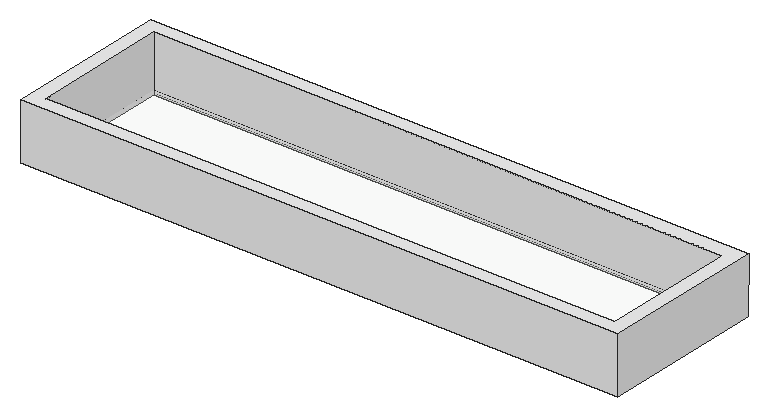
Revit family "Iluminação montada na superfície - Retangular", category Luminárias, Revit 2019
Family settings
  Hospedeiro = Forro
  Cota do conector redondo = Utilizar diâmetro
  Tipo de parte = Normal
  Número OmniClass = 23.80.70.11
  Título OmniClass = Luminaries for Internal Lighting
  Sempre na vertical = Sim
  Corte com vazios quando carregada = Não
  Fonte luminosa = Sim
  Compartilhado = Não
  Ponto de cálculo do ambiente = Não
Parameters (values of type "175x640x60mm-32W")
  Largura = 175.00 mm
  Wattage = 100 W
  built-in parameter 1150110 = 1 (stored number, unit not read)
  built-in parameter 1114217 = 1 (stored number, unit not read)
  built-in parameter 1150109 = 1 (stored number, unit not read)
  built-in parameter 1150134 = 8
  built-in parameter 1150113 = 1 (stored number, unit not read)
  Material de sombra = Vidro, Branco, Alta Luminosidade
  Lumens = 8000 lm
  built-in parameter 1150115 = 1 (stored number, unit not read)
  built-in parameter 1150105 = 2546.5 (stored number, unit not read)
  Material da luminária = Metal - Alum
  Tamanho do símbolo da fonte luminosa = Largura - 50.00 mm  # 125.00 mm
  built-in parameter 1150137 = (empty or 0)
  built-in parameter 1150139 = (empty or 0)
  Comprimento = 640.00 mm
  built-in parameter 1150112 = 1 (stored number, unit not read)
  built-in parameter 1150114 = 1 (stored number, unit not read)
  built-in parameter 1150132 = (empty or 0)
  built-in parameter 1150102 = (empty or 0)
  built-in parameter 1150138 = (empty or 0)
  built-in parameter 1150107 = 4230 (stored number, unit not read)
  built-in parameter 1150106 = 25.465 (stored number, unit not read)
  Largura da estrutura = 15.00 mm
  Espessura da moldura = 60.00 mm
  Emit from Rectangle Width = Largura - 50.00 mm  # 125.00 mm
  Emitir do comprimento do retângulo = Comprimento - 50.00 mm  # 590.00 mm
  Emit Shape Visible in Rendering = no
  built-in parameter 1150104 = 7.4322 (stored number, unit not read)
  Dimming Lamp Color Temperature Shift = (empty or 0)
  Color Filter = 16777215
  built-in parameter 1114218 = 1 (stored number, unit not read)
  built-in parameter 1150133 = 10 (stored number, unit not read)
Reference planes
  plane 1 "Eixo de origem da luz (F/T)": y = 0
  plane 2 "Forro": z = 2438.4
  plane 3 "Eixo de origem da luz (E/D)": x = 0
  plane 4 "Elevação da origem da luz": z = 2408.4
  plane 5: y = 87.5
  plane 6: y = -87.5
  plane 7: x = -320
  plane 8: x = 320
  plane 9: x = -305
  plane 10: x = 305
  plane 11: y = 72.5
  plane 12: y = -72.5
  plane 13: z = 2378.4
  plane 14: z = 2380.4
  plane 15: z = 2383.4
Forms (mm)
  Extrusion 1, solid, material "Metal - Alum" <- "Material da luminária"
    sketch origin (0, 0, 2408.4) x (0, -1, 0) y (1, 0, 0)
      loop
        line (-87.5, -320) -> (87.5, -320) -> (87.5, 320) -> (-87.5, 320) -> (-87.5, -320)
      loop
        line (-72.5, -305) -> (72.5, -305) -> (72.5, 305) -> (-72.5, 305) -> (-72.5, -305)
    from -30 to 30
  Extrusion 2, solid, material "Vidro, Branco, Alta Luminosidade" <- "Material de sombra"
    sketch origin (0, 0, 2408.4) x (0, -1, 0) y (1, 0, 0)
      loop
        line (-72.5, -305) -> (72.5, -305) -> (72.5, 305) -> (-72.5, 305) -> (-72.5, -305)
    from -28 to -25
Dimensions and locks
  equal spacing: host sketch curve, plane 3 "Eixo de origem da luz (E/D)", host sketch curve
  equal spacing: host sketch curve, plane 1 "Eixo de origem da luz (F/T)", host sketch curve
  host sketch curve to host sketch curve = 3048.00 mm  (x2)
  equal spacing: plane 2 "Forro", plane 4 "Elevação da origem da luz", plane 13
  locked: plane 14 to plane 13 at 2
  locked: plane 15 to plane 14 at 3
  "Espessura da moldura": plane 2 "Forro" to plane 13
  "Largura": plane 5 to plane 6
  equal spacing: plane 5, plane 1 "Eixo de origem da luz (F/T)", plane 6
  "Comprimento": plane 7 to plane 8
  equal spacing: plane 7, plane 3 "Eixo de origem da luz (E/D)", plane 8
  "Largura da estrutura": plane 7 to plane 9
  "Largura da estrutura": plane 10 to plane 8
  "Largura da estrutura": plane 12 to plane 6
  "Largura da estrutura": plane 5 to plane 11
  aligned and locked: Extrusion 1 sketch curve to plane 5
  aligned and locked: plane 7 to Extrusion 1 sketch curve
  aligned and locked: plane 6 to Extrusion 1 sketch curve
  aligned and locked: Extrusion 1 sketch curve to plane 8
  aligned and locked: Extrusion 1 sketch curve to plane 10
  aligned and locked: Extrusion 1 sketch curve to plane 11
  aligned and locked: plane 9 to Extrusion 1 sketch curve
  aligned and locked: plane 12 to Extrusion 1 sketch curve
  aligned and locked: Extrusion 1 to plane 13
  aligned and locked: plane 2 "Forro" to Extrusion 1
  aligned and locked: Extrusion 2 sketch curve to plane 11
  aligned and locked: plane 9 to Extrusion 2 sketch curve
  aligned and locked: plane 12 to Extrusion 2 sketch curve
  aligned and locked: Extrusion 2 sketch curve to plane 10
  aligned and locked: Extrusion 2 to plane 14
  aligned and locked: plane 15 to Extrusion 2
  aligned and locked: Extrusion 2 to plane 15
  aligned and locked: plane 14 to Extrusion 2
  aligned and locked: plane 1 "Eixo de origem da luz (F/T)" to imposter light
  aligned and locked: imposter light to plane 14
  aligned and locked: plane 3 "Eixo de origem da luz (E/D)" to imposter light
